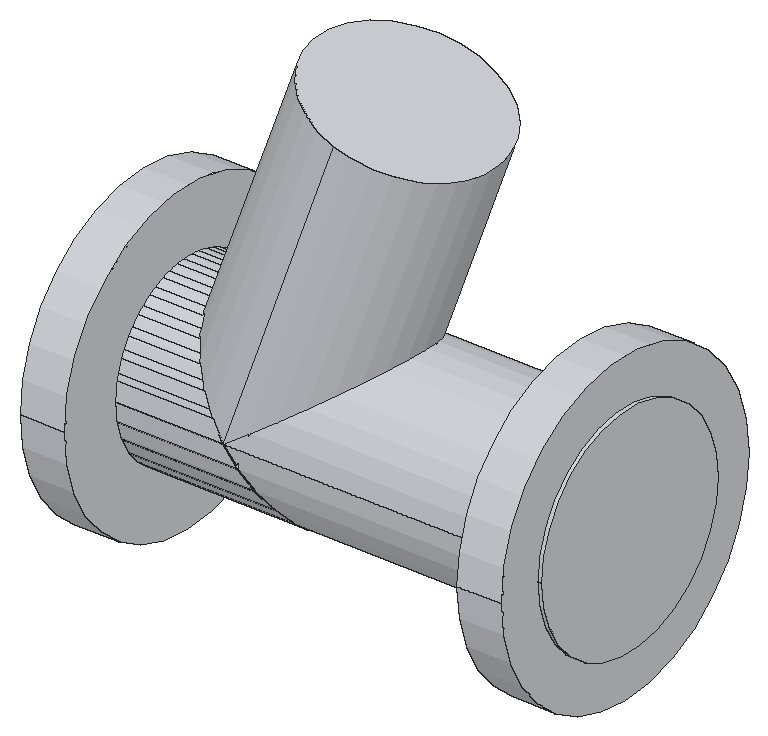
Revit family "447-DN100-RFA_2019", category Pipe Accessories, Revit 2019
Family settings
  Round Connector Dimension = Use Diameter
  Part Type = Valve - Breaks Into
  Work Plane-Based = No
  Always vertical = Yes
  Cut with Voids When Loaded = No
  Shared = No
Parameters (values of type "447-DN100")
  magiProductId = "98b46d48787042dd9a812fc0797c69"
  magiProductFamilyId = "b72cb932c1b3471491e3d369876ba1"
  magiPartTypeId = 304
  isMeasuringValve [instance] = no
  ang2D [instance] = 0.00°
  X2 = 79.261 mm
  X1 = 49 mm
  W2D = 100 mm
  VersionID = "2.0/2017.9.26.1/ZETKAMA_447_001"
  Use Minimum Symbol Size [instance] = yes
  URL = "http://www.hydronix.cz"
  Type Comments = "přírubový; PN16; -10~+120°C"
  S = 156 mm
  QmdConnectorList = "301;D;302;D"
  Productdata [instance] = ""
  Manufacturer = "Hydronix"
  MC Product Code = "447 100 (DN100; PN16 kvs184,7)"
  MC Piping Given Pressure Drop [instance] = 0.0 Pa
  LM1 = 28 mm
  LM = 280 mm
  L2D_Min = 3048 mm
  L2D = 350 mm
  L2 = 175 mm
  HH1 = 217.769 mm
  FD = 220 mm
  Description = "Ruční vyvažovací ventil přírubový; DN100; PN16; kvs184,7"
  DT = 130 mm
  D = 100 mm
  CC = 3.5 mm
  CAT0 = yes
  C1 = 31.5 mm
  C = 35 mm
Types (10, lengths in mm): name | magiProductId | X2 | X1 | S | MC Product Code | LM1 | LM | L2 | HH1 | FD | Description | DT | D | CC | C1 | C
  447-DN100 | "98b46d48787042dd9a812fc0797c69" | 79.261 | 49 | 156 | "447 100 (DN100; PN16 kvs184,7)" | 28 | 280 | 175 | 217.769 | 220 | "Ruční vyvažovací ventil přírubový; DN100; PN16; kvs184,7" | 130 | 100 | 3.5 | 31.5 | 35
  447-DN125 | "02b47ccb17f74d08923d86f3fe118e" | 86.541 | 56 | 184 | "447 125 (DN125; PN16 kvs285,1)" | 32 | 320 | 200 | 237.769 | 250 | "Ruční vyvažovací ventil přírubový; DN125; PN16; kvs285,1" | 130 | 125 | 4 | 36 | 40
  447-DN150 | "7f7b5672e2b748ca8839732ddacd1d" | 95.64 | 67.2 | 211 | "447 150 (DN150; PN16 kvs390,2)" | 38.4 | 384 | 240 | 262.769 | 285 | "Ruční vyvažovací ventil přírubový; DN150; PN16; kvs390,2" | 130 | 150 | 4.8 | 43.2 | 48
  447-DN200 | "e1019e6fc9b647ceac6d31797e2f53" | 155.411 | 84 | 266 | "447 200 (DN200; PN16 kvs710)" | 48 | 480 | 300 | 426.987 | 340 | "Ruční vyvažovací ventil přírubový; DN200; PN16; kvs710" | 310 | 200 | 6 | 54 | 60
  447-DN250 | "a0eac83e29f84220b7ba68901aa49e" | 171.789 | 102.2 | 319 | "447 250 (DN250; PN16 kvs1188)" | 58.4 | 584 | 365 | 471.987 | 405 | "Ruční vyvažovací ventil přírubový; DN250; PN16; kvs1188" | 310 | 250 | 7.3 | 65.7 | 73
  447-DN300 | "476300b2e87f4f20bd49d272c44436" | 175.429 | 119 | 370 | "447 300 (DN300; PN16 kvs1504)" | 68 | 680 | 425 | 481.987 | 460 | "Ruční vyvažovací ventil přírubový; DN300; PN16; kvs1504" | 310 | 300 | 8.5 | 76.5 | 85
  447-DN040 | "1b02107dafeb4f5588628c478854c2" | 42.71 | 28 | 84 | "447 040 (DN40; PN16 kvs22,36)" | 16 | 160 | 100 | 117.345 | 150 | "Ruční vyvažovací ventil přírubový; DN40; PN16; kvs22,36" | 74 | 40 | 2 | 18 | 20
  447-DN050 | "5ed7087ff739473a8b86e2dbbe5062" | 42.71 | 32.2 | 99 | "447 050 (DN50; PN16 kvs32,15)" | 18.4 | 184 | 115 | 117.345 | 165 | "Ruční vyvažovací ventil přírubový; DN50; PN16; kvs32,15" | 74 | 50 | 2.3 | 20.7 | 23
  447-DN065 | "bd77367604f142d88050bf73c88c7b" | 71.982 | 40.6 | 118 | "447 065 (DN65; PN16 kvs88,8)" | 23.2 | 232 | 145 | 197.769 | 185 | "Ruční vyvažovací ventil přírubový; DN65; PN16; kvs88,8" | 130 | 65 | 2.9 | 26.1 | 29
  447-DN080 | "7399fcf493614c92ad9035a8ac3adf" | 71.982 | 43.4 | 132 | "447 080 (DN80; PN16 kvs113,4)" | 24.8 | 248 | 155 | 197.769 | 200 | "Ruční vyvažovací ventil přírubový; DN80; PN16; kvs113,4" | 130 | 80 | 3.1 | 27.9 | 31
Reference planes
  plane 1 "Center (Front/Back)": y = 0
  plane 2 "XYPLANE": z = 0
  plane 3 "Center (Left/Right)": x = 0
  plane 4 "110": x = 16.261
  plane 5 "109": z = 217.769
  plane 6 "108": x = -63
  plane 7 "107": x = 171.5
  plane 8 "106": x = -171.5
  plane 9 "105": z = 0
  plane 10 "104": y = 0
  plane 11 "103": x = -175
  plane 12 "102": x = 175
  plane 13 "100": x = -140
  plane 14 "99": x = 140
  plane 15 "98": x = -112
Forms (mm)
  Extrusion 1, solid, visible <- "CAT0"
    sketch origin (-140, -750, 0) x (0, 1, 0) y (0, 0, 1)
      loop
        circle (750, 0) r 65
    from 0 to 280 <- "LM"
  Sweep 2, solid, visible <- "CAT0"
    path origin (750, 0, 0) x (-1, 0, 0) y (0, 0, 1)
      loop
        line (890, 0) -> (813, 0) -> (733.739, 217.769)
    profile origin (-140, 0, 0) x (0, 0, -1) y (0, 1, 0)
      loop
        circle (0, 0) r 65
  Extrusion 3, solid
    sketch origin (171.5, -750, 0) x (0, 1, 0) y (0, 0, 1)
      loop
        circle (750, 0) r 78
    from 0 to 3.5 <- "CC"
  Extrusion 4, solid
    sketch origin (140, -750, 0) x (0, 1, 0) y (0, 0, 1)
      loop
        circle (750, 0) r 110
    from 0 to 31.5 <- "C1"
  Extrusion 5, solid
    sketch origin (-171.5, -750, 0) x (0, 1, 0) y (0, 0, 1)
      loop
        circle (750, 0) r 110
    from 0 to 31.5 <- "C1"
  Extrusion 6, solid
    sketch origin (-175, -750, 0) x (0, 1, 0) y (0, 0, 1)
      loop
        circle (750, 0) r 78
    from 0 to 3.5 <- "CC"
  Extrusion 7, solid, not visible
    sketch origin (-175, -750, 0) x (0, 1, 0) y (0, 0, 1)
      loop
        circle (750, 0) r 10
    from 0 to 10
  Extrusion 8, solid, not visible
    sketch origin (175, -750, 0) x (0, 1, 0) y (0, 0, 1)
      loop
        circle (750, 0) r 10
    from 0 to -10
Lines and regions (mm)
  reference lines, not visible
    curve 1: circle (2, 2, 0) r 1 normal (0, 0, 1)
Dimensions and locks
  plane 1 "Center (Front/Back)" to curve 1 = 2 mm
  "X2": plane 6 "108" to plane 4 "110"
  "HH1": plane 2 "XYPLANE" to plane 5 "109"
  "X1": plane 15 "98" to plane 6 "108"
  "C1": plane 14 "99" to plane 7 "107"
  "CC": plane 11 "103" to plane 8 "106"
  locked: plane 2 "XYPLANE" to plane 9 "105"
  locked: plane 1 "Center (Front/Back)" to plane 10 "104"
  "L2": plane 3 "Center (Left/Right)" to plane 11 "103"
  "L2": plane 3 "Center (Left/Right)" to plane 12 "102"
  "C": plane 11 "103" to plane 13 "100"
  "LM": plane 13 "100" to plane 14 "99"
  "LM1": plane 13 "100" to plane 15 "98"
  Sweep 2 sketch curve to Sweep 2 sketch curve = 0 mm  (x2)
  "DT": diameter of Extrusion 1 sketch curve
  "DT": diameter of Sweep 2 sketch curve
  "S": diameter of Extrusion 3 sketch curve
  "FD": diameter of Extrusion 4 sketch curve
  "FD": diameter of Extrusion 5 sketch curve
  "S": diameter of Extrusion 6 sketch curve
  aligned and locked: level to plane 2 "XYPLANE"
  aligned and locked: plane 9 "105" to Extrusion 1 sketch curve
  aligned and locked: Extrusion 1 sketch curve to plane 10 "104"
  aligned and locked: plane 9 "105" to Sweep 2 sketch curve  (x3)
  aligned and locked: Sweep 2 sketch curve to plane 10 "104"
  aligned and locked: plane 13 "100" to Sweep 2 sketch curve
  aligned and locked: plane 6 "108" to Sweep 2 sketch curve
  aligned and locked: plane 4 "110" to Sweep 2 sketch curve
  aligned and locked: plane 5 "109" to Sweep 2 sketch curve
  aligned and locked: plane 9 "105" to Extrusion 3 sketch curve
  aligned and locked: Extrusion 3 sketch curve to plane 10 "104"
  aligned and locked: plane 9 "105" to Extrusion 4 sketch curve
  aligned and locked: Extrusion 4 sketch curve to plane 10 "104"
  aligned and locked: plane 9 "105" to Extrusion 5 sketch curve
  aligned and locked: Extrusion 5 sketch curve to plane 10 "104"
  aligned and locked: plane 9 "105" to Extrusion 6 sketch curve
  aligned and locked: Extrusion 6 sketch curve to plane 10 "104"
  aligned and locked: plane 9 "105" to Extrusion 7 sketch curve
  aligned and locked: Extrusion 7 sketch curve to plane 10 "104"
  aligned and locked: plane 9 "105" to Extrusion 8 sketch curve
  aligned and locked: Extrusion 8 sketch curve to plane 10 "104"
Automatic sketch dimensions
  plane 1 "Center (Front/Back)" to Extrusion 7 sketch curve = 10 mm
  plane 1 "Center (Front/Back)" to Extrusion 8 sketch curve = 10 mm
  plane 3 "Center (Left/Right)" to curve 1 = 2 mm
  radius of curve 1 = 1 mm
Connectors
  piping at (-175, 0, 0), diameter 100, driven by "D"
    settings: on Extrusion 7, index 1, connector inside diameter 609.6 mm, connector length 0 mm, flow factor 0, pipe flow 0.0 L/s, pressure drop 0.0 Pa, fitting loss kfactor 0, connector angle 0.00°, fixture units 0, engagement length 0 mm, angle of deflection 0.00°, flow configuration 0, flow direction 0, fitting loss method 0, system type 29, joint type 0, gender type 0, connector reference index 2, connector utility 0, adjustable connector no, is connector primary yes, connector description ""
  piping at (175, 0, 0), diameter 100, driven by "D"
    settings: on Extrusion 8, index 2, connector inside diameter 609.6 mm, connector length 0 mm, flow factor 0, pipe flow 0.0 L/s, pressure drop 0.0 Pa, fitting loss kfactor 0, connector angle 0.00°, fixture units 0, engagement length 0 mm, angle of deflection 0.00°, flow configuration 0, flow direction 0, fitting loss method 0, system type 29, joint type 0, gender type 0, connector reference index 1, connector utility 0, adjustable connector no, is connector primary no, connector description ""
